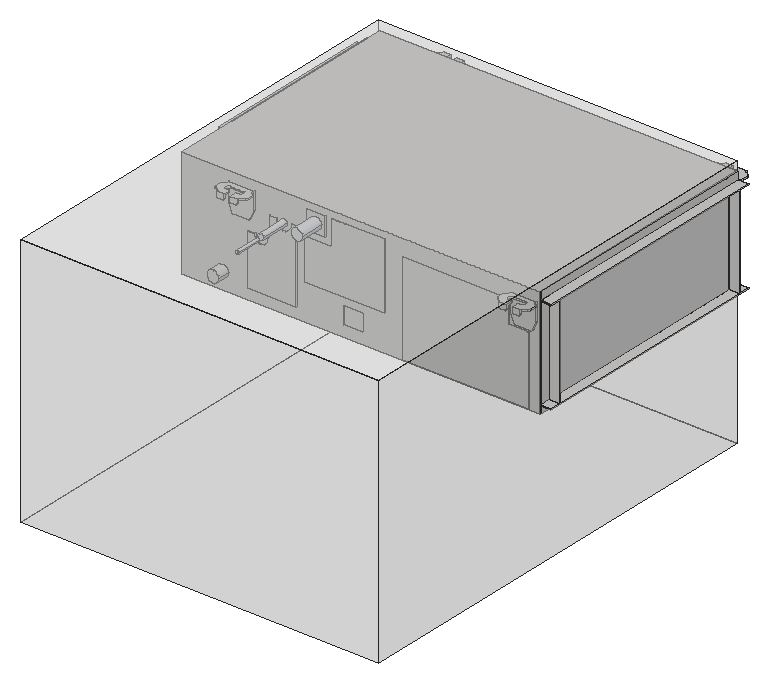
Revit family "outputfile", category 機械設備, Revit 2024
Family settings
  丸型コネクタ寸法 = 半径を使用
  パーツ タイプ = 標準
  OmniClass 番号 = 23.75.10.24.21.27.27
  OmniClass タイトル = Split System Air Conditioning Units
  作業面ベース = いいえ
  常に垂直 = はい
  ロード時にボイドで切り取り = いいえ
  注釈の向きを維持 = いいえ
  共有 = いいえ
  部屋計算ポイント = はい
Parameters (values of type "FXSQ32PAVE8")
  Description = ""
  製造元 = "Daikin"
  書き出し IFC クラス(タイプ) = "IfcUnitaryEquipmentType"
  定義済み IFC タイプ(タイプ) = "AIRCONDITIONINGUNIT"
  Cost = 0
  モデル = "FXSQ32PAVE8"
  Type Comments = ""
  Keynote = ""
  Type Image = (empty or 0)
  Assembly Code = ""
  r_Liquid Pipe Size = Liquid Pipe Size / 2  # 3.2 mm
  r_Gas Pipe Size = Gas Pipe Size / 2  # 6.35 mm
  r_Drain Pipe Size = Drain Pipe Size / 2  # 12.5 mm
  lw_power = 770.0 mm  # constant formula
  lh_SA = 138.0 mm  # constant formula
  lw_SA = if(Depth = 550.0 mm, 225.0 mm, if(Depth = 700.0 mm, 300.0 mm, if(Depth = 1000.0 mm, 450.0 mm, if(Depth = 1400.0 mm, 650.0 mm, 725.0 mm))))  # 225.0 mm
  lw_RA = if(Depth = 550.0 mm, 275.0 mm, if(Depth = 700.0 mm, 349.0 mm, if(Depth = 1000.0 mm, 499.0 mm, if(Depth = 1400.0 mm, 699.0 mm, 775.0 mm))))  # 275.0 mm
  lh_power = 60.0 mm + [h***]  # 60.0 mm
  lh_mountinghole1 = lh_mountinghole + [h***]  # 222.0 mm
  lh_RA = 123.0 mm  # constant formula
  ld_power = Depth / 2  # 275.0 mm
  Voltage_comment_60Hz = "220"
  Voltage_comment_50Hz = "220-240"
  Voltage_60Hz = 220 V
  Voltage_50Hz = 220 V
  URL = ""
  Supply Air Direction [instance] = yes
  Sound Power Level_H speed (dB) = 62
  Phase_60Hz = 1
  Phase_50Hz = 1
  Minimum External Static Pressure = 30.00 Pa
  Minimum Circuit Amps_60Hz = 0.8 A
  Minimum Circuit Amps_50Hz = 0.8 A
  Maximum Fuse Amps_60Hz = 16.0 A
  Maximum Fuse Amps_50Hz = 16.0 A
  Maximum External Static Pressure = 150.00 Pa
  Material_Casing = DAIKIN_GalvanizedSteel_Casing_indoorunit
  lw_mountinghole = 630.0 mm  # constant formula
  lh_gaspipe = 183.0 mm + [h***]  # 183.0 mm
  lh_mountinghole = 222.0 mm  # constant formula
  lh_liquidpipe = 136.0 mm + [h***]  # 136.0 mm
  lh_drainpipe = 207.0 mm + [h***]  # 207.0 mm
  lh_antena = Height - lh_mountinghole + 1.0 mm  # 24.0 mm
  ld_drainpipe = Depth / 2 + 53.0 mm  # 328.0 mm
  ld_liquidpipe = Depth / 2 + 69.0 mm  # 344.0 mm
  ld_gaspipe = Depth / 2 + 65.0 mm  # 340.0 mm
  ld_mountinghole = Depth + 38.0 mm  # 588.0 mm
  h*** = 0.0 mm  # constant formula
  lw_liquidpipe = 179.0 mm  # constant formula
  lw_gaspipe = 229.0 mm  # constant formula
  lw_drainpipe = 300.0 mm  # constant formula
  Width = 800.0 mm
  Version = "ver.1.0"
  Unit Type = "Middle Static Pressure Duct Type"
  Unit Mass Weight = 25.00 kg
  Unit Designation [instance] = ""
  Uniclass2015Version = "Products v1.30"
  Uniclass2015Title = "Variable refrigerant flow units"
  Uniclass2015Code = "Pr_70_65_03_94"
  Total Heating Capacity [instance] = 0.000 kW
  Total Cooling Capacity [instance] = 0.000 kW
  Sound Pressure Level_M speed (dBA) = 0
  Sound Pressure Level_L speed (dBA) = 30
  Sound Pressure Level_H speed (dBA) = 34
  Series = "VRV Fan Coil Unit"
  Sensible Cooling Capacity [instance] = 0.000 kW
  SA Duct Size Width = if(Depth = 550.0 mm, 337.0 mm, if(Depth = 700.0 mm, 492.0 mm, if(Depth = 1000.0 mm, 792.0 mm, if(Depth = 1400.0 mm, 1192.0 mm, 1337.0 mm))))  # 337.0 mm
  SA Duct Size Height = 176.0 mm
  Refrigerant Type = "R410A"
  RA Duct Size Width = if(Depth = 550.0 mm, 502.0 mm, if(Depth = 700.0 mm, 654.0 mm, if(Depth = 1000.0 mm, 952.0 mm, if(Depth = 1400.0 mm, 1352.0 mm, 1502.0 mm))))  # 502.0 mm
  RA Duct Size Height = 208.0 mm
  Power Input (Heating) = 0.106 kW
  Power Input (Cooling) = 0.111 kW
  Option Accessory 3 [instance] = ""
  Option Accessory 2 [instance] = ""
  Option Accessory 1 [instance] = ""
  Nominal Heating Capacity = 4.000 kW
  Nominal Cooling Capacity = 3.600 kW
  Minimum Airflow = 420.00 m³/h
  Median Airflow = 480.00 m³/h
  Maximum Airflow = 570.00 m³/h
  Load Classification = HVAC
  Liquid Pipe Size = 6.4 mm
  Link_Nested Family [instance] = ""
  IfcVersion = "0"
  IfcExportType = "AIRCONDITIONINGUNIT"
  IfcExportAs = "IfcUnitaryEquipmentType"
  Height = 245.0 mm
  Heating Entering Wet Bulb Temperature [instance] = 0.00 °C
  Heating Entering Dry Bulb Temperature [instance] = 0.00 °C
  Heating Ambient Wet Bulb Temperature [instance] = 0.00 °C
  Heating Ambient Dry Bulb Temperature [instance] = 0.00 °C
  Heat Exchanger Type = "Cross Fin Coil"
  Gas Pipe Size = 12.7 mm
  Frequency_60Hz = 60 Hz
  Frequency_50Hz = 50 Hz
  Fan Type = "Sirocco Fan"
  Fan Drive = "Direct Drive"
  FCU Tag No. [instance] = ""
  Drain Pipe Size = 25.0 mm
  Design Supply Airflow [instance] = 0.00 m³/h
  Design Return Airflow [instance] = 0.00 m³/h
  Design External Static Pressure [instance] = 0.00 Pa
  Depth = 550.0 mm
  既定の高さ = 0.0 mm
  Cooling Entering Wet Bulb Temperature [instance] = 0.00 °C
  Cooling Entering Dry Bulb Temperature [instance] = 0.00 °C
  Cooling Ambient Wet Bulb Temperature [instance] = 0.00 °C
  Cooling Ambient Dry Bulb Temperature [instance] = 0.00 °C
  Clearance visibility [instance] = yes
  Clearance Top = 20.0 mm
  Clearance Right = 0.0 mm
  Clearance Rear = 0.0 mm
  Clearance Left = 0.0 mm
  Clearance Front = 450.0 mm
  Clearance Bottom = 300.0 mm
Reference planes
  plane 1 "Center (Front/Back)": y = 0
  plane 2 "h": z = 0
  plane 3 "Center (Left/Right)": x = 0
  plane 4 "Back": y = 275
  plane 5 "Front": y = -275
  plane 6 "Left": x = -400
  plane 7 "Reight": x = 400
  plane 8 "Top": z = 0
  plane 9 "Bottom": z = -245
  plane 10: y = -215
  plane 11: y = 275
  plane 12: y = -725
  plane 13: x = -400
  plane 14: x = 400
  plane 15: z = 20
  plane 16: z = -545
  plane 17: x = -400
  plane 18: x = -399
  plane 19: x = 399
  plane 20: y = 50
  plane 21: y = 0
  plane 22: z = -122
  plane 23: y = -276
  plane 24: z = -109
  plane 25: x = -221
  plane 26: y = -340
  plane 27: z = -62
  plane 28: x = -171
  plane 29: y = -328
  plane 30: z = -38
  plane 31: x = -100
  plane 32: x = -100
  plane 33: x = -221
  plane 34: x = -171
  plane 35: x = 370
  plane 36: x = -266
  plane 37: x = 364
  plane 38: y = -294
  plane 39: y = 294
  plane 40: z = -23
  plane 41: z = -107
  plane 42: y = -344
  plane 43: z = -207
  plane 44: x = -309
  plane 45: y = -301
  plane 46: x = -251
  plane 47: x = -203
  plane 48: x = -144
  plane 49: z = -59
  plane 50: z = -106
  plane 51: z = -221
  plane 52: z = -109
  plane 53: x = -221
  plane 54: z = -62
  plane 55: x = -171
  plane 56: z = -17
  plane 57: z = -59
  plane 58: x = -121
  plane 59: x = -79
  plane 60: x = -125
  plane 61: x = -64
  plane 62: x = 53
  plane 63: z = -164
  plane 64: z = -73
  plane 65: z = -16
  plane 66: x = 93.5
  plane 67: x = 374.5
  plane 68: x = 330
  plane 69: z = -88.5
  plane 70: z = -38
  plane 71: z = -242.5
  plane 72: x = -38.5
  plane 73: x = 6.5
  plane 74: z = -181
  plane 75: z = -221
  plane 76: y = -274
  plane 77: x = -424
  plane 78: x = 424
Forms (mm)
  Extrusion 1, solid, material "DAIKIN_GalvanizedSteel_Casing_indoorunit" <- "Material_Casing"
    sketch origin (0, 0, 0) x (1, 0, 0) y (0, 1, 0)
      loop
        line (-399, 275) -> (-399, -275) -> (399, -275) -> (399, 275) -> (-399, 275)
    from -245 to 0
  Extrusion 2, solid, material "DAIKIN_GalvanizedSteel_Casing_indoorunit" <- "Material_Casing"
    sketch origin (0, 0, 0) x (1, 0, 0) y (0, 0, 1)
      loop
        line (-251, -221) -> (-144, -221) -> (-144, -59) -> (-154.47, -59)
        arc (-154.47, -59) -> (-171, -78.8) -> (-187.53, -59) r 16.8
        line (-187.53, -59) -> (-203, -59) -> (-203, -106) -> (-206.916, -106)
        arc (-206.916, -106) -> (-221, -123.4) -> (-235.084, -106) r 14.4
        line (-235.084, -106) -> (-251, -106) -> (-251, -221)
    from 275 to 276
  Extrusion 3, solid, material "DAIKIN_GalvanizedSteel_Casing_indoorunit" <- "Material_Casing"
    sketch origin (0, 0, 0) x (1, 0, 0) y (0, 0, 1)
      loop
        line (-121, -17) -> (-121, -59) -> (-79, -59) -> (-79, -17) -> (-121, -17)
      loop
        line (-125, -73) -> (-125, -164) -> (53, -164) -> (53, -16) -> (-64, -16) -> (-64, -73) -> (-125, -73)
    from 275 to 276
  Extrusion 4, solid, material "DAIKIN_GalvanizedSteel_Casing_indoorunit" <- "Material_Casing"
    sketch origin (0, 0, 0) x (1, 0, 0) y (0, 0, 1)
      loop
        line (93.5, -38) -> (93.5, -242.5) -> (374.5, -242.5) -> (374.5, -88.5) -> (330, -88.5) -> (330, -38) -> (93.5, -38)
    from 275 to 276
  Extrusion 5, solid
    sketch origin (0, 0, 0) x (1, 0, 0) y (0, 0, 1)
      loop
        circle (-221, -109) r 3.2
    from 275 to 344
  Extrusion 6, solid
    sketch origin (0, 0, 0) x (1, 0, 0) y (0, 0, 1)
      loop
        circle (-171, -62) r 6.35
    from 275 to 340
  Extrusion 7, solid
    sketch origin (0, 0, 0) x (1, 0, 0) y (0, 0, 1)
      loop
        circle (-100, -38) r 12.5
    from 276 to 328
  Extrusion 8, solid, material "DAIKIN_GalvanizedSteel_Casing_indoorunit" <- "Material_Casing"
    sketch origin (0, 0, 0) x (1, 0, 0) y (0, 0, 1)
      loop
        circle (-309, -207) r 13
    from 275 to 301
  Extrusion 9, void
    sketch origin (0, 0, 0) x (1, 0, 0) y (0, 0, 1)
      loop
        line (-38.5, -181) -> (-38.5, -221) -> (6.5, -221) -> (6.5, -181) -> (-38.5, -181)
    from 274 to 275
Cuts and joins
  Extrusion 9 cuts Extrusion 1
Dimensions and locks
  "Height": plane 8 "Top" to plane 9 "Bottom"
  equal spacing: plane 4 "Back", plane 1 "Center (Front/Back)", plane 5 "Front"
  "Depth": plane 4 "Back" to plane 5 "Front"
  equal spacing: plane 6 "Left", plane 3 "Center (Left/Right)", plane 7 "Reight"
  "Width": plane 6 "Left" to plane 7 "Reight"
  "Clearance Left": plane 13 to plane 6 "Left"
  "Clearance Right": plane 7 "Reight" to plane 14
  "Clearance Rear": plane 11 to plane 4 "Back"
  "Clearance Front": plane 5 "Front" to plane 12
  "Clearance Top": plane 15 to plane 8 "Top"
  "Clearance Bottom": plane 9 "Bottom" to plane 16
  locked: plane 17 to plane 18 at 1
  locked: plane 19 to plane 14 at 1
  "lw_SA": plane 11 to plane 20
  "lw_RA": plane 21 to plane 5 "Front"
  "lh_RA": plane 22 to plane 9 "Bottom"
  locked: plane 5 "Front" to plane 23 at 1
  "lw_liquidpipe": plane 25 to plane 6 "Left"
  "lh_liquidpipe": plane 24 to plane 9 "Bottom"
  "lh_gaspipe": plane 27 to plane 9 "Bottom"
  "lw_gaspipe": plane 28 to plane 6 "Left"
  "ld_gaspipe": plane 26 to plane 1 "Center (Front/Back)"
  "ld_drainpipe": plane 29 to plane 1 "Center (Front/Back)"
  "lh_drainpipe": plane 30 to plane 9 "Bottom"
  "lw_drainpipe": plane 31 to plane 6 "Left"
  "lw_drainpipe": plane 6 "Left" to plane 32
  "lw_liquidpipe": plane 6 "Left" to plane 33
  "lw_gaspipe": plane 6 "Left" to plane 34
  "lw_power": plane 6 "Left" to plane 35
  locked: plane 17 to plane 36 at 134
  "lw_mountinghole": plane 36 to plane 37
  equal spacing: plane 38, plane 1 "Center (Front/Back)", plane 39
  "ld_mountinghole": plane 39 to plane 38
  "lh_mountinghole": plane 40 to plane 9 "Bottom"
  "lh_SA": plane 41 to plane 9 "Bottom"
  "ld_liquidpipe": plane 21 to plane 42
  locked: plane 44 to plane 6 "Left" at 91
  locked: plane 43 to plane 9 "Bottom" at 38
  locked: plane 5 "Front" to plane 45 at 26
  plane 48 to plane 47 to plane 46 to plane 6 "Left" = 59.0 mm, 48.0 mm, 149.0 mm
  plane 8 "Top" to plane 49 to plane 50 to plane 51 = 59.0 mm locked, 47.0 mm locked, 115.0 mm locked
  plane 55 to plane 53 to plane 6 "Left" = 50.0 mm locked, 179.0 mm locked
  plane 54 to plane 52 to plane 9 "Bottom" = 47.0 mm locked, 136.0 mm locked
  plane 59 to plane 58 to plane 6 "Left" = 42.0 mm locked, 279.0 mm locked
  plane 8 "Top" to plane 56 to plane 57 = 17.0 mm locked, 42.0 mm locked
  plane 62 to plane 61 to plane 60 to plane 6 "Left" = 117.0 mm, 61.0 mm, 275.0 mm
  plane 8 "Top" to plane 65 to plane 64 = 16.0 mm locked, 57.0 mm locked
  locked: plane 65 to plane 63 at 148
  plane 8 "Top" to plane 70 to plane 69 to plane 71 = 38.0 mm locked, 50.5 mm locked, 154.0 mm locked
  plane 67 to plane 68 to plane 66 to plane 6 "Left" = 44.5 mm locked, 236.5 mm locked, 493.5 mm locked
  plane 8 "Top" to plane 74 to plane 75 = 181.0 mm locked, 40.0 mm locked
  plane 73 to plane 72 to plane 6 "Left" = 45.0 mm, 361.5 mm
  locked: plane 76 to plane 5 "Front" at 1
  locked: plane 77 to plane 17 at 24
  locked: plane 14 to plane 78 at 24
  "r_Liquid Pipe Size": radius of Extrusion 5 sketch curve
  "r_Gas Pipe Size": radius of Extrusion 6 sketch curve
  "r_Drain Pipe Size": radius of Extrusion 7 sketch curve
  aligned and locked: level to plane 2 "h"
  aligned and locked: plane 8 "Top" to Extrusion 1
  aligned and locked: Extrusion 1 to plane 9 "Bottom"
  aligned and locked: nested 5 to plane 12
  aligned and locked: plane 13 to nested 5
  aligned and locked: plane 14 to nested 5
  aligned and locked: nested 5 to plane 13
  aligned and locked: plane 11 to nested 5
  aligned and locked: plane 15 to nested 5
  aligned and locked: plane 16 to nested 5
  aligned and locked: plane 5 "Front" to Extrusion 1 sketch curve
  aligned and locked: Extrusion 1 to plane 18
  aligned and locked: plane 19 to Extrusion 1
  aligned and locked: nested 7 to plane 18
  aligned and locked: nested 7 to plane 20
  aligned and locked: plane 19 to nested 8
  aligned and locked: plane 21 to nested 8
  aligned and locked: plane 22 to nested 8
  aligned and locked: Extrusion 2 to plane 23
  aligned and locked: plane 5 "Front" to Extrusion 2
  aligned and locked: Extrusion 3 to plane 23
  aligned and locked: plane 5 "Front" to Extrusion 3
  aligned and locked: plane 5 "Front" to Extrusion 4
  aligned and locked: Extrusion 5 sketch curve to plane 25
  aligned and locked: plane 24 to Extrusion 5 sketch curve
  aligned and locked: plane 5 "Front" to Extrusion 5
  aligned and locked: Extrusion 6 sketch curve to plane 28
  aligned and locked: plane 27 to Extrusion 6 sketch curve
  aligned and locked: plane 5 "Front" to Extrusion 6
  aligned and locked: Extrusion 7 sketch curve to plane 31
  aligned and locked: Extrusion 7 sketch curve to plane 30
  aligned and locked: Extrusion 7 to plane 29
  aligned and locked: plane 23 to Extrusion 7
  aligned and locked: nested 3 to plane 29
  aligned and locked: plane 32 to nested 3
  aligned and locked: nested 2 to plane 33
  aligned and locked: nested 1 to plane 34
  aligned and locked: Extrusion 6 to plane 26
  aligned and locked: nested 1 to plane 26
  aligned and locked: nested 6 to plane 5 "Front"
  aligned and locked: plane 35 to nested 6
  aligned and locked: plane 36 to nested 10
  aligned and locked: nested 10 to plane 5 "Front"
  aligned and locked: plane 37 to nested 9
  aligned and locked: nested 9 to plane 5 "Front"
  aligned and locked: nested 11 to plane 36
  aligned and locked: plane 4 "Back" to nested 11
  aligned and locked: nested 12 to plane 37
  aligned and locked: plane 4 "Back" to nested 12
  aligned and locked: plane 40 to nested 10
  aligned and locked: plane 40 to nested 11
  aligned and locked: plane 40 to nested 9
  aligned and locked: plane 40 to nested 12
  aligned and locked: plane 36 to nested 14
  aligned and locked: nested 14 to plane 39
  aligned and locked: plane 37 to nested 13
  aligned and locked: nested 13 to plane 39
  aligned and locked: plane 37 to nested 16
  aligned and locked: plane 38 to nested 16
  aligned and locked: plane 38 to nested 15
  aligned and locked: plane 36 to nested 15
  aligned and locked: plane 17 to plane 6 "Left"
  aligned and locked: plane 41 to nested 7
  aligned and locked: Extrusion 5 to plane 42
  aligned and locked: nested 2 to plane 42
  aligned and locked: Extrusion 8 sketch curve to plane 44
  aligned and locked: plane 43 to Extrusion 8 sketch curve
  aligned and locked: plane 5 "Front" to Extrusion 8
  aligned and locked: plane 45 to Extrusion 8
  aligned and locked: Extrusion 3 sketch curve to plane 56
  aligned and locked: Extrusion 3 sketch curve to plane 58
  aligned and locked: plane 57 to Extrusion 3 sketch curve
  aligned and locked: plane 59 to Extrusion 3 sketch curve
  aligned and locked: Extrusion 4 to plane 23
  aligned and locked: Extrusion 9 sketch curve to plane 74
  aligned and locked: plane 75 to Extrusion 9 sketch curve
  aligned and locked: plane 73 to Extrusion 9 sketch curve
  aligned and locked: plane 5 "Front" to Extrusion 9
  aligned and locked: plane 76 to Extrusion 9
  aligned and locked: nested 17 to plane 20
  aligned and locked: nested 17 to plane 77
  aligned and locked: plane 21 to nested 18
  aligned and locked: plane 78 to nested 18
  aligned and locked: plane 41 to nested 17
  aligned and locked: nested 18 to plane 22
  aligned and locked: nested 4 to plane 3 "Center (Left/Right)"
  aligned and locked: plane 1 "Center (Front/Back)" to nested 4
  aligned and locked: level to plane 8 "Top"
Automatic sketch dimensions
  plane 6 "Left" to Extrusion 1 sketch curve = 1.0 mm
  Extrusion 1 sketch curve to plane 7 "Reight" = 1.0 mm
  Extrusion 1 sketch curve to plane 4 "Back" = 0.0 mm
  Extrusion 2 sketch curve to plane 46 = 0.0 mm
  Extrusion 2 sketch curve to plane 33 = 0.0 mm
  Extrusion 2 sketch curve to plane 47 = 0.0 mm
  Extrusion 2 sketch curve to plane 34 = 0.0 mm
  Extrusion 2 sketch curve to plane 48 = 0.0 mm
  Extrusion 2 sketch curve to plane 51 = 0.0 mm
  Extrusion 2 sketch curve to plane 52 = 0.0 mm
  Extrusion 2 sketch curve to plane 50 = 0.0 mm  (x3)
  Extrusion 2 sketch curve to plane 54 = 0.0 mm
  Extrusion 2 sketch curve to plane 49 = 0.0 mm  (x3)
  plane 33 to Extrusion 2 sketch curve = 14.084 mm
  plane 34 to Extrusion 2 sketch curve = 16.53 mm
  Extrusion 3 sketch curve to plane 60 = 0.0 mm
  Extrusion 3 sketch curve to plane 61 = 0.0 mm
  Extrusion 3 sketch curve to plane 62 = 0.0 mm
  Extrusion 3 sketch curve to plane 63 = 0.0 mm
  Extrusion 3 sketch curve to plane 64 = 0.0 mm
  Extrusion 3 sketch curve to plane 65 = 0.0 mm
  Extrusion 4 sketch curve to plane 66 = 0.0 mm
  Extrusion 4 sketch curve to plane 68 = 0.0 mm
  Extrusion 4 sketch curve to plane 67 = 0.0 mm
  Extrusion 4 sketch curve to plane 71 = 0.0 mm
  Extrusion 4 sketch curve to plane 69 = 0.0 mm
  Extrusion 4 sketch curve to plane 70 = 0.0 mm
  Extrusion 9 sketch curve to plane 72 = 0.0 mm
  radius of Extrusion 8 sketch curve = 13.0 mm
Nested families
  nested 1: "daikin_connector_rotate2" at (-171, 0, -62), length <- "ld_gaspipe", built-in parameter 1001364 <- "lh_gaspipe", radius <- "r_Gas Pipe Size", type "daikin_connector_rotate2"
    with radius 6.35 mm, length 340.0 mm, angle_vertical 90.00°
  nested 2: "daikin_connector_rotate2" at (-221, 0, -109), length <- "ld_liquidpipe", built-in parameter 1001364 <- "lh_liquidpipe", radius <- "r_Liquid Pipe Size", type "daikin_connector_rotate2"
    with radius 3.2 mm, length 344.0 mm, angle_vertical 90.00°
  nested 3: "daikin_connector_rotate2" at (-100, 0, -38), length <- "ld_drainpipe", built-in parameter 1001364 <- "lh_drainpipe", radius <- "r_Drain Pipe Size", type "daikin_connector_rotate2"
    with radius 12.5 mm, length 328.0 mm, angle_vertical 90.00°
  nested 4: "daikin_△_symbolicline" at (0, 0, 245) x (0, -1, 0) z (0, 0, 1), built-in parameter 1001364 <- "Height", visible <- "Supply Air Direction", type "daikin_△_symbolicline"
    with length 200.0 mm
  nested 5: "daikin_clearancespace" at (0, -225, -262.381), visible <- "Clearance visibility", show <- "Clearance visibility", Link_Nested Family <- "Link_Nested Family", type "daikin_clearancespace"
    with width 800.0 mm, show yes, height 565.0 mm, depth 1000.0 mm, Link_Nested Family ""
  nested 6: "daikin_connector_rotate2" at (370, 0, -185), built-in parameter 1001364 <- "lh_power", length <- "ld_power", type "daikin_connector_rotate2"
    with radius 10.0 mm, length 275.0 mm, angle_vertical 90.00°
  nested 7: "daikin_ductflange_FXSQ-PAVE8_2" at (-399, 50, -107) x (0, -1, 0) z (0, 0, 1), type "daikin_ductflange_FXSQ-PAVE8_2"
  nested 8: "daikin_ductflange_FXSQ-PAVE8_1" at (399, 0, -122) x (0, 1, 0) z (0, 0, 1), type "daikin_ductflange_FXSQ-PAVE8_1"
  nested 9: "daikin_hangerfixture_FXSQ-PAVE8" at (364, -275, -23), type "daikin_hangerfixture_FXSQ-PAVE8"
  nested 10: "daikin_hangerfixture_FXSQ-PAVE8" at (-266, -275, -23), type "daikin_hangerfixture_FXSQ-PAVE8"
  nested 11: "daikin_hangerfixture_FXSQ-PAVE8" at (-266, 275, -23) x (-1, 0, 0) z (0, 0, 1), type "daikin_hangerfixture_FXSQ-PAVE8"
  nested 12: "daikin_hangerfixture_FXSQ-PAVE8" at (364, 275, -23) x (-1, 0, 0) z (0, 0, 1), type "daikin_hangerfixture_FXSQ-PAVE8"
  nested 13: "daikin_mountinghole" at (364, 294, -245), h_mountinghole <- "lh_mountinghole1", l_antenna <- "lh_antena", Link_Nested Family <- "Link_Nested Family", type "daikin_mountinghole"
    with show yes, l_antenna 24.0 mm, h_mountinghole 222.0 mm, Link_Nested Family ""
  nested 14: "daikin_mountinghole" at (-266, 294, -245), h_mountinghole <- "lh_mountinghole1", l_antenna <- "lh_antena", Link_Nested Family <- "Link_Nested Family", type "daikin_mountinghole"
    with show yes, l_antenna 24.0 mm, h_mountinghole 222.0 mm, Link_Nested Family ""
  nested 15: "daikin_mountinghole" at (-266, -294, -245), h_mountinghole <- "lh_mountinghole1", l_antenna <- "lh_antena", Link_Nested Family <- "Link_Nested Family", type "daikin_mountinghole"
    with show yes, l_antenna 24.0 mm, h_mountinghole 222.0 mm, Link_Nested Family ""
  nested 16: "daikin_mountinghole" at (364, -294, -245), h_mountinghole <- "lh_mountinghole1", l_antenna <- "lh_antena", Link_Nested Family <- "Link_Nested Family", type "daikin_mountinghole"
    with show yes, l_antenna 24.0 mm, h_mountinghole 222.0 mm, Link_Nested Family ""
  nested 17: "daikin_connector_rotate2" at (-400, 50, -107) x (0, -1, 0) z (0, 0, 1), type "daikin_connector_rotate2"
    with radius 10.0 mm, length 24.0 mm, angle_vertical 90.00°
  nested 18: "daikin_connector_rotate2" at (400, 0, -122) x (0, 1, 0) z (0, 0, 1), type "daikin_connector_rotate2"
    with radius 10.0 mm, length 24.0 mm, angle_vertical 90.00°
Connectors
  piping at (-100, -328, -38), diameter 25, driven by "r_Drain Pipe Size"
    settings: on nested 3, index 3, connector inside diameter 609.6 mm, connector length 0.0 mm, flow factor 0, pipe flow 0.00 m³/h, pressure drop 0.0 Pa, fitting loss kfactor 0, connector angle 0.00°, fixture units 0, engagement length 0.0 mm, angle of deflection 0.00°, flow configuration 1, flow direction 2, fitting loss method 4, system type 16, joint type 0, gender type 0, connector reference index -1, connector utility 0, adjustable connector no, is connector primary yes, connector description "Condensate Drain Piping"
  piping at (-171, -340, -62), diameter 12.7, driven by "r_Gas Pipe Size"
    settings: on nested 1, index 4, connector inside diameter 609.6 mm, connector length 0.0 mm, flow factor 0, pipe flow 0.00 m³/h, pressure drop 0.0 Pa, fitting loss kfactor 0, connector angle 0.00°, fixture units 0, engagement length 0.0 mm, angle of deflection 0.00°, flow configuration 1, flow direction 2, fitting loss method 0, system type 29, joint type 0, gender type 0, connector reference index -1, connector utility 0, adjustable connector no, is connector primary no, connector description "Refrigerant Gas Piping"
  piping at (-221, -344, -109), diameter 6.4, driven by "r_Liquid Pipe Size"
    settings: on nested 2, index 5, connector inside diameter 609.6 mm, connector length 0.0 mm, flow factor 0, pipe flow 0.00 m³/h, pressure drop 0.0 Pa, fitting loss kfactor 0, connector angle 0.00°, fixture units 0, engagement length 0.0 mm, angle of deflection 0.00°, flow configuration 1, flow direction 1, fitting loss method 0, system type 29, joint type 0, gender type 0, connector reference index -1, connector utility 0, adjustable connector no, is connector primary no, connector description "Refrigerant Liquid Piping"
  electrical at (370, -275, -185), driven by "Load Classification"
    settings: on nested 6, index 6, voltage 0 V, apparent load 0 VA, apparent load phase1 0 VA, apparent load phase2 0 VA, apparent load phase3 0 VA, power factor 1, load classification "HVAC", number of poles 1, system type 30, power factor state 1, is connector primary yes, connector utility no, sub classification motor no, connector description "Power Supply"
  hvac at (-424, 50, -107), driven by "SA Duct Size Height", driven by "SA Duct Size Width"
    settings: on nested 17, index 7, duct flow 0.00 m³/h, flow factor 0, pres drop 0.00 Pa, loss coef 0, conn angle 0.00°, conn width 337.0 mm, conn height 176.0 mm, conn diameter 609.6 mm, duct sys type 1, conn prof type 1, flow config 0, flow direction 2, loss method 4, conn ref index -1, conn util no, is conn primary yes, conn desc "SA Duct"
  hvac at (424, 0, -122), driven by "RA Duct Size Height", driven by "RA Duct Size Width"
    settings: on nested 18, index 8, duct flow 0.00 m³/h, flow factor 0, pres drop 0.00 Pa, loss coef 0, conn angle 0.00°, conn width 502.0 mm, conn height 208.0 mm, conn diameter 609.6 mm, duct sys type 2, conn prof type 1, flow config 0, flow direction 1, loss method 4, conn ref index -1, conn util no, is conn primary no, conn desc "RA Duct"
Definition of nested family "daikin_clearancespace"
  Parameters (values of type "daikin_clearancespace")
    width [instance] = 1823.963 mm
    show [instance] = yes
    material = none
    height [instance] = 1359.762 mm
    depth [instance] = 880.0 mm
    Default Elevation = 0.0 mm
    Link_Nested Family [instance] = ""
  Reference planes
    plane 1 "Center (Front/Back)": y = 0
    plane 2 "Center (Elevation)": z = -0.119
    plane 3 "Center (Left/Right)": x = 0
    plane 4: y = 440
    plane 5: y = -440
    plane 6 "Right": x = 911.982
    plane 7 "Left": x = -911.982
    plane 8 "Top": z = 679.762
    plane 9 "Bottom": z = -680
  Forms (mm)
    Extrusion 1, solid, material <- "material", visible <- "show"
      sketch origin (0, 0, 0) x (1, 0, 0) y (0, 1, 0)
        loop
          line (-911.982, 440) -> (-911.982, -440) -> (911.982, -440) -> (911.982, 440) -> (-911.982, 440)
      from -680 to 679.762
  Lines and regions (mm)
    symbolic lines, visible <- "show"
      curve 1: line (911.982, 440, 0) -> (-911.982, 440, 0)
      curve 2: line (-911.982, 440, 0) -> (-911.982, -440, 0)
      curve 3: line (-911.982, -440, 0) -> (911.982, -440, 0)
      curve 4: line (911.982, -440, 0) -> (911.982, 440, 0)
      curve 5: line (911.982, 0, 679.762) -> (-911.982, 0, 679.762)
      curve 6: line (911.982, 0, -680) -> (911.982, 0, 679.762)
      curve 7: line (-911.982, 0, -680) -> (911.982, 0, -680)
      curve 8: line (-911.982, 0, 679.762) -> (-911.982, 0, -680)
      curve 9: line (0, 440, 679.762) -> (0, -440, 679.762)
      curve 10: line (0, -440, 679.762) -> (0, -440, -680)
      curve 11: line (0, 440, -680) -> (0, 440, 679.762)
      curve 12: line (0, -440, -680) -> (0, 440, -680)
  Dimensions and locks
    "width": plane 7 "Left" to plane 6 "Right"
    "depth": plane 4 to plane 5
    "height": plane 8 "Top" to plane 9 "Bottom"
    equal spacing: plane 7 "Left", plane 3 "Center (Left/Right)", plane 6 "Right"
    equal spacing: plane 4, plane 1 "Center (Front/Back)", plane 5
    equal spacing: plane 8 "Top", plane 2 "Center (Elevation)", plane 9 "Bottom"
    aligned and locked: level to plane 2 "Center (Elevation)"
    aligned and locked: Extrusion 1 sketch curve to plane 4
    aligned and locked: plane 7 "Left" to Extrusion 1 sketch curve
    aligned and locked: Extrusion 1 sketch curve to plane 5
    aligned and locked: Extrusion 1 sketch curve to plane 6 "Right"
    aligned and locked: plane 8 "Top" to Extrusion 1
    aligned and locked: curve 1 to Extrusion 1
    aligned and locked: curve 2 to Extrusion 1
    aligned and locked: curve 3 to Extrusion 1
    aligned and locked: curve 4 to Extrusion 1
    aligned and locked: curve 5 to Extrusion 1
    aligned and locked: curve 6 to Extrusion 1
    aligned and locked: curve 7 to Extrusion 1
    aligned and locked: curve 8 to Extrusion 1
    aligned and locked: curve 9 to Extrusion 1
    aligned and locked: curve 10 to Extrusion 1
    aligned and locked: curve 11 to Extrusion 1
    aligned and locked: curve 12 to Extrusion 1
    aligned and locked: Extrusion 1 to plane 9 "Bottom"
Definition of nested family "daikin_ductflange_FXSQ-PAVE8_2"
  Parameters (values of type "daikin_ductflange_FXMQ-PAVE2")
    width = if(w = 550.0 mm, 337.0 mm, if(w = 700.0 mm, 492.0 mm, if(w = 1000.0 mm, 792.0 mm, if(w = 1400.0 mm, 1192.0 mm, 1337.0 mm))))  # 337.0 mm
    material = none
    height = 215.0 mm
    depth = 1.0 mm
    w = 550.0 mm
    Default Elevation = 0.0 mm
  Reference planes
    plane 1 "Center (Front/Back)": y = 0
    plane 2: z = 0
    plane 3 "Center (Left/Right)": x = 0
    plane 4: z = 88
    plane 5: z = -88
    plane 6: y = -25
    plane 7: z = 106
    plane 8: z = 89
    plane 9: y = -1
    plane 10: x = -192.5
    plane 11: x = 192.5
    plane 12: z = -106
    plane 13: z = -89
    plane 14: y = -1
    plane 15: x = 168.5
    plane 16: x = -168.5
    plane 17: x = 169.5
    plane 18: z = 87
    plane 19: z = -87
    plane 20: x = -169.5
    plane 21: z = 87
    plane 22: z = -87
    plane 23: y = -1
  Forms (mm)
    Extrusion 1, solid, material <- "material"
      sketch origin (0, 0, 0) x (0, 1, 0) y (0, 0, 1)
        loop
          line (-25, 88) -> (0, 88) -> (0, 106) -> (-1, 106) -> (-1, 89) -> (-25, 89) -> (-25, 88)
      from -192.5 to 192.5
    Extrusion 2, solid, material <- "material"
      sketch origin (0, 0, 0) x (0, 1, 0) y (0, 0, 1)
        loop
          line (-25, -88) -> (-25, -89) -> (-1, -89) -> (-1, -106) -> (0, -106) -> (0, -88) -> (-25, -88)
      from -192.5 to 192.5
    Extrusion 3, solid, material <- "material"
      sketch origin (0, 0, 0) x (1, 0, 0) y (0, 0, 1)
        loop
          line (168.5, 88) -> (168.5, -88) -> (192.5, -88) -> (192.5, -87) -> (169.5, -87) -> (169.5, 87) -> (192.5, 87) -> (192.5, 88) -> (168.5, 88)
      from 0 to 25
    Extrusion 4, solid, material <- "material"
      sketch origin (0, 0, 0) x (1, 0, 0) y (0, 0, 1)
        loop
          line (-192.5, 88) -> (-192.5, 87) -> (-169.5, 87) -> (-169.5, -87) -> (-192.5, -87) -> (-192.5, -88) -> (-168.5, -88) -> (-168.5, 88) -> (-192.5, 88)
      from 0 to 25
    Extrusion 5, solid, material <- "material"
      sketch origin (0, 0, 0) x (1, 0, 0) y (0, 0, 1)
        loop
          line (-192.5, 88) -> (-192.5, -88) -> (-168.5, -88) -> (-168.5, 88) -> (-192.5, 88)
        loop
          line (192.5, 88) -> (168.5, 88) -> (168.5, -88) -> (192.5, -88) -> (192.5, 88)
      from 0 to 1
  Cuts and joins
    joined: Extrusion 1, Extrusion 2, Extrusion 3, Extrusion 4, Extrusion 5
  Dimensions and locks
    plane 4 to level to plane 5 = 88.0 mm, 88.0 mm
    locked: plane 6 to plane 1 "Center (Front/Back)" at 25
    locked: plane 9 to plane 1 "Center (Front/Back)" at 1
    locked: plane 8 to plane 4 at 1
    locked: plane 16 to plane 10 at 24
    locked: plane 17 to plane 15 at 1
    locked: plane 4 to plane 18 at 1
    locked: plane 19 to plane 5 at 1
    "width": plane 15 to plane 16
    plane 4 to plane 5 = 176.0 mm
    locked: plane 16 to plane 20 at 1
    locked: plane 4 to plane 21 at 1
    locked: plane 22 to plane 5 at 1
    locked: plane 23 to plane 1 "Center (Front/Back)" at 1
    plane 4 to level to plane 5 = 88.0 mm locked, 88.0 mm locked
    locked: plane 5 to plane 13 at 1
    locked: plane 5 to plane 12 at 18
    locked: plane 7 to plane 4 at 18
    equal spacing: plane 15, plane 3 "Center (Left/Right)", plane 16
    locked: plane 11 to plane 15 at 24
    plane 11 to plane 10 = 385.0 mm
    aligned and locked: level to plane 2
    aligned and locked: Extrusion 1 to plane 10
    aligned and locked: plane 11 to Extrusion 1
    aligned and locked: plane 5 to Extrusion 2
    aligned and locked: Extrusion 2 to plane 1 "Center (Front/Back)"
    aligned and locked: plane 15 to Extrusion 3 sketch curve
    aligned and locked: Extrusion 3 sketch curve to Extrusion 2  (x2)
    aligned and locked: Extrusion 3 sketch curve to plane 11
    aligned and locked: plane 6 to Extrusion 3
    aligned and locked: Extrusion 2 to plane 10
    aligned and locked: plane 11 to Extrusion 2
    aligned and locked: Extrusion 4 sketch curve to Extrusion 1  (x2)
    aligned and locked: plane 5 to Extrusion 4 sketch curve
    aligned and locked: Extrusion 4 sketch curve to plane 16
    aligned and locked: Extrusion 4 sketch curve to plane 22
    aligned and locked: plane 20 to Extrusion 4 sketch curve
    aligned and locked: plane 21 to Extrusion 4 sketch curve
    aligned and locked: Extrusion 4 to plane 1 "Center (Front/Back)"
    aligned and locked: plane 6 to Extrusion 4
    aligned and locked: Extrusion 5 sketch curve to Extrusion 1  (x4)
    aligned and locked: Extrusion 5 sketch curve to Extrusion 4  (x2)
    aligned and locked: Extrusion 5 sketch curve to Extrusion 3  (x2)
    aligned and locked: Extrusion 5 to plane 1 "Center (Front/Back)"
    aligned and locked: plane 23 to Extrusion 5
  Automatic sketch dimensions
    Extrusion 1 sketch curve to plane 6 = 0.0 mm
    Extrusion 1 sketch curve to plane 7 = 0.0 mm
    Extrusion 1 sketch curve to plane 9 = 0.0 mm
    Extrusion 1 sketch curve to plane 1 "Center (Front/Back)" = 0.0 mm
    Extrusion 1 sketch curve to plane 4 = 0.0 mm
    Extrusion 1 sketch curve to plane 8 = 0.0 mm
    Extrusion 2 sketch curve to plane 6 = 0.0 mm
    plane 12 to Extrusion 2 sketch curve = 0.0 mm
    Extrusion 2 sketch curve to plane 14 = 0.0 mm
    Extrusion 2 sketch curve to plane 1 "Center (Front/Back)" = 0.0 mm
    plane 13 to Extrusion 2 sketch curve = 0.0 mm
    Extrusion 2 sketch curve to plane 5 = 0.0 mm
    Extrusion 3 sketch curve to plane 17 = 0.0 mm
    Extrusion 3 sketch curve to plane 19 = 0.0 mm
    Extrusion 3 sketch curve to plane 18 = 0.0 mm
    Extrusion 3 sketch curve to plane 4 = 0.0 mm
    Extrusion 4 sketch curve to plane 10 = 0.0 mm
Definition of nested family "daikin_ductflange_FXSQ-PAVE8_1"
  Parameters (values of type "daikin_ductflange_FXMQ-PAVE")
    width = if(w = 550.0 mm, 502.0 mm, if(w = 700.0 mm, 654.0 mm, if(w = 1000.0 mm, 952.0 mm, if(w = 1400.0 mm, 1352.0 mm, 1502.0 mm))))  # 502.0 mm
    material = none
    height = 208.0 mm
    depth = 1.0 mm
    w = 550.0 mm
    Default Elevation = 0.0 mm
  Reference planes
    plane 1 "Center (Front/Back)": y = 0
    plane 2: z = 0
    plane 3 "Center (Left/Right)": x = 0
    plane 4: z = 104
    plane 5: z = -104
    plane 6: y = -25
    plane 7: z = 121
    plane 8: z = 105
    plane 9: y = -1
    plane 10: x = -275
    plane 11: x = 275
    plane 12: z = -122
    plane 13: z = -105
    plane 14: y = -1
    plane 15: x = 251
    plane 16: x = -251
    plane 17: x = 252
    plane 18: z = 103
    plane 19: z = -103
    plane 20: x = -252
    plane 21: z = 103
    plane 22: z = -103
    plane 23: y = -1
  Forms (mm)
    Extrusion 1, solid, material <- "material"
      sketch origin (0, 0, 0) x (0, 1, 0) y (0, 0, 1)
        loop
          line (-25, 104) -> (0, 104) -> (0, 121) -> (-1, 121) -> (-1, 105) -> (-25, 105) -> (-25, 104)
      from -275 to 275
    Extrusion 2, solid, material <- "material"
      sketch origin (0, 0, 0) x (0, 1, 0) y (0, 0, 1)
        loop
          line (-25, -104) -> (-25, -105) -> (-1, -105) -> (-1, -122) -> (0, -122) -> (0, -104) -> (-25, -104)
      from -275 to 275
    Extrusion 3, solid, material <- "material"
      sketch origin (0, 0, 0) x (1, 0, 0) y (0, 0, 1)
        loop
          line (251, 104) -> (251, -104) -> (275, -104) -> (275, -103) -> (252, -103) -> (252, 103) -> (275, 103) -> (275, 104) -> (251, 104)
      from 0 to 25
    Extrusion 4, solid, material <- "material"
      sketch origin (0, 0, 0) x (1, 0, 0) y (0, 0, 1)
        loop
          line (-275, 104) -> (-275, 103) -> (-252, 103) -> (-252, -103) -> (-275, -103) -> (-275, -104) -> (-251, -104) -> (-251, 104) -> (-275, 104)
      from 0 to 25
    Extrusion 5, solid, material <- "material"
      sketch origin (0, 0, 0) x (1, 0, 0) y (0, 0, 1)
        loop
          line (-275, 104) -> (-275, -104) -> (-251, -104) -> (-251, 104) -> (-275, 104)
        loop
          line (275, 104) -> (251, 104) -> (251, -104) -> (275, -104) -> (275, 104)
      from 0 to 1
  Cuts and joins
    joined: Extrusion 1, Extrusion 2, Extrusion 3, Extrusion 4, Extrusion 5
  Dimensions and locks
    plane 4 to level to plane 5 = 104.0 mm, 104.0 mm
    locked: plane 6 to plane 1 "Center (Front/Back)" at 25
    locked: plane 9 to plane 1 "Center (Front/Back)" at 1
    locked: plane 8 to plane 4 at 1
    locked: plane 11 to plane 15 at 24
    locked: plane 16 to plane 10 at 24
    locked: plane 17 to plane 15 at 1
    locked: plane 4 to plane 18 at 1
    locked: plane 19 to plane 5 at 1
    "width": plane 15 to plane 16
    equal spacing: plane 15, plane 3 "Center (Left/Right)", plane 16
    locked: plane 16 to plane 20 at 1
    locked: plane 4 to plane 21 at 1
    locked: plane 22 to plane 5 at 1
    locked: plane 23 to plane 1 "Center (Front/Back)" at 1
    locked: plane 7 to plane 4 at 17
    locked: plane 1 "Center (Front/Back)" to plane 14 at 1
    locked: plane 5 to plane 13 at 1
    "height": plane 4 to plane 5
    plane 11 to plane 10 = 550.0 mm
    locked: plane 12 to plane 13 at 17
    equal spacing: plane 4, level, plane 5
    aligned and locked: level to plane 2
    aligned and locked: Extrusion 1 to plane 10
    aligned and locked: plane 11 to Extrusion 1
    aligned and locked: plane 5 to Extrusion 2
    aligned and locked: Extrusion 2 to plane 1 "Center (Front/Back)"
    aligned and locked: plane 15 to Extrusion 3 sketch curve
    aligned and locked: Extrusion 3 sketch curve to Extrusion 2  (x2)
    aligned and locked: Extrusion 3 sketch curve to plane 11
    aligned and locked: plane 6 to Extrusion 3
    aligned and locked: Extrusion 2 to plane 10
    aligned and locked: plane 11 to Extrusion 2
    aligned and locked: Extrusion 4 sketch curve to Extrusion 1  (x2)
    aligned and locked: plane 5 to Extrusion 4 sketch curve
    aligned and locked: Extrusion 4 sketch curve to plane 16
    aligned and locked: Extrusion 4 sketch curve to plane 22
    aligned and locked: plane 20 to Extrusion 4 sketch curve
    aligned and locked: plane 21 to Extrusion 4 sketch curve
    aligned and locked: Extrusion 4 to plane 1 "Center (Front/Back)"
    aligned and locked: plane 6 to Extrusion 4
    aligned and locked: Extrusion 5 sketch curve to Extrusion 1  (x4)
    aligned and locked: Extrusion 5 sketch curve to Extrusion 4  (x2)
    aligned and locked: Extrusion 5 sketch curve to Extrusion 3  (x2)
    aligned and locked: Extrusion 5 to plane 1 "Center (Front/Back)"
    aligned and locked: plane 23 to Extrusion 5
  Automatic sketch dimensions
    Extrusion 1 sketch curve to plane 6 = 0.0 mm
    Extrusion 1 sketch curve to plane 7 = 0.0 mm
    Extrusion 1 sketch curve to plane 9 = 0.0 mm
    Extrusion 1 sketch curve to plane 1 "Center (Front/Back)" = 0.0 mm
    Extrusion 1 sketch curve to plane 4 = 0.0 mm
    Extrusion 1 sketch curve to plane 8 = 0.0 mm
    Extrusion 2 sketch curve to plane 6 = 0.0 mm
    plane 12 to Extrusion 2 sketch curve = 0.0 mm
    Extrusion 2 sketch curve to plane 14 = 0.0 mm
    Extrusion 2 sketch curve to plane 1 "Center (Front/Back)" = 0.0 mm
    plane 13 to Extrusion 2 sketch curve = 0.0 mm
    Extrusion 2 sketch curve to plane 5 = 0.0 mm
    Extrusion 3 sketch curve to plane 17 = 0.0 mm
    Extrusion 3 sketch curve to plane 19 = 0.0 mm
    Extrusion 3 sketch curve to plane 18 = 0.0 mm
    Extrusion 3 sketch curve to plane 4 = 0.0 mm
    Extrusion 4 sketch curve to plane 10 = 0.0 mm
Definition of nested family "daikin_hangerfixture_FXSQ-PAVE8"
  Parameters (values of type "daikin_hangerfixture_FXMQ-PAVE")
    width = 72.0 mm
    material = none
    height = 60.0 mm
    depth = 41.0 mm
    Default Elevation = 0.0 mm
  Reference planes
    plane 1 "Center (Front/Back)": y = 0
    plane 2: z = 0
    plane 3 "Center (Left/Right)": x = 0
    plane 4: y = 417.146
    plane 5: y = -41
    plane 6: x = -36
    plane 7: x = 36
    plane 8: z = -2.3
    plane 9: z = -60
    plane 10: y = -2.3
    plane 11: z = -12
    plane 12: y = -38.7
  Forms (mm)
    Extrusion 1, solid, material <- "material"
      sketch origin (0, 0, 0) x (1, 0, 0) y (0, 1, 0)
        loop
          line (-28, 0) -> (-28, -5)
          arc (-28, -5) -> (-29.127, -8.162) -> (-32, -9.899) r 5
          arc (-32, -9.899) -> (-34.873, -11.636) -> (-36, -14.798) r 5
          line (-36, -14.798) -> (-36, -27.178)
          arc (-36, -27.178) -> (-35.429, -29.499) -> (-33.846, -31.289) r 5
          line (-33.846, -31.289) -> (-23, -38.798) -> (-23, -41.098) -> (-6.5, -41.098) -> (-6.5, -28.498)
          arc (-6.5, -28.498) -> (-7.379, -26.377) -> (-9.5, -25.498) r 3
          line (-9.5, -25.498) -> (-13.5, -25.498)
          arc (-13.5, -25.498) -> (-20, -18.998) -> (-13.5, -12.498) r 6.5
          line (-13.5, -12.498) -> (13.5, -12.498)
          arc (13.5, -12.498) -> (20, -18.998) -> (13.5, -25.498) r 6.5
          line (13.5, -25.498) -> (9.5, -25.498)
          arc (9.5, -25.498) -> (7.379, -26.377) -> (6.5, -28.498) r 3
          line (6.5, -28.498) -> (6.5, -41.098) -> (23, -41.098) -> (23, -38.798) -> (33.846, -31.289)
          arc (33.846, -31.289) -> (35.429, -29.499) -> (36, -27.178) r 5
          line (36, -27.178) -> (36, -14.596)
          arc (36, -14.596) -> (34.873, -11.434) -> (32, -9.697) r 5
          arc (32, -9.697) -> (29.127, -7.96) -> (28, -4.798) r 5
          line (28, -4.798) -> (28, 0) -> (-28, 0)
      from 0 to -2.3
    Extrusion 2, solid, material <- "material"
      sketch origin (0, 0, 0) x (1, 0, 0) y (0, 0, 1)
        loop
          line (28, -39.037) -> (28, 0) -> (-28, 0) -> (-28, -39.037)
          arc (-28, -39.037) -> (-27.91, -39.983) -> (-27.642, -40.894) r 5
          line (-27.642, -40.894) -> (-21.257, -56.857)
          arc (-21.257, -56.857) -> (-19.418, -59.14) -> (-16.615, -60) r 5
          line (-16.615, -60) -> (16.615, -60)
          arc (16.615, -60) -> (19.418, -59.14) -> (21.257, -56.857) r 5
          line (21.257, -56.857) -> (27.642, -40.894)
          arc (27.642, -40.894) -> (27.91, -39.983) -> (28, -39.037) r 5
      from 0 to 2.3
    Extrusion 3, solid, material <- "material"
      sketch origin (0, 0, 0) x (1, 0, 0) y (0, 0, 1)
        loop
          line (-23, 0) -> (-23, -9)
          arc (-23, -9) -> (-22.121, -11.121) -> (-20, -12) r 3
          line (-20, -12) -> (-9.5, -12)
          arc (-9.5, -12) -> (-7.379, -11.121) -> (-6.5, -9) r 3
          line (-6.5, -9) -> (-6.5, 0) -> (-23, 0)
        loop
          line (23, 0) -> (6.5, 0) -> (6.5, -9)
          arc (6.5, -9) -> (7.379, -11.121) -> (9.5, -12) r 3
          line (9.5, -12) -> (20, -12)
          arc (20, -12) -> (22.121, -11.121) -> (23, -9) r 3
          line (23, -9) -> (23, 0)
      from 38.8 to 41.098
  Cuts and joins
    joined: Extrusion 1, Extrusion 2, Extrusion 3
  Dimensions and locks
    plane 2 to plane 8 = 2.3 mm
    "height": plane 2 to plane 9
    locked: plane 10 to plane 1 "Center (Front/Back)" at 2.3
    locked: plane 2 to plane 11 at 12
    locked: plane 12 to plane 5 at 2.3
    aligned and locked: level to plane 2
    aligned and locked: Extrusion 1 to plane 8
    aligned and locked: plane 2 to Extrusion 1
    aligned and locked: plane 2 to Extrusion 2 sketch curve
    aligned and locked: Extrusion 2 to plane 10
    aligned and locked: Extrusion 2 to plane 1 "Center (Front/Back)"
    aligned and locked: Extrusion 3 sketch curve to cut or joined group of Extrusion 1, Extrusion 2, Extrusion 3  (x3)
    aligned and locked: cut or joined group of Extrusion 1, Extrusion 2, Extrusion 3 to Extrusion 3
  Automatic sketch dimensions
    Extrusion 2 sketch curve to plane 7 = 8.0 mm
    Extrusion 2 sketch curve to plane 8 = 36.737 mm
    plane 6 to Extrusion 2 sketch curve = 19.385 mm
    Extrusion 1 sketch curve to plane 6 = 0.0 mm
    plane 1 "Center (Front/Back)" to Extrusion 1 sketch curve = 0.0 mm
    Extrusion 1 sketch curve to plane 7 = 0.0 mm
    plane 6 to Extrusion 1 sketch curve = 2.154 mm
    plane 6 to Extrusion 1 sketch curve = 3.0 mm
    Extrusion 1 sketch curve to Extrusion 1 sketch curve = 5.0 mm  (x3)
    Extrusion 1 sketch curve to plane 12 = 0.098 mm  (x2)
    Extrusion 1 sketch curve to Extrusion 1 sketch curve = 4.0 mm  (x2)
    Extrusion 1 sketch curve to plane 5 = 0.098 mm  (x2)
    Extrusion 1 sketch curve to plane 3 "Center (Left/Right)" = 6.5 mm
    plane 3 "Center (Left/Right)" to Extrusion 1 sketch curve = 6.5 mm
    Extrusion 1 sketch curve to Extrusion 1 sketch curve = 3.0 mm
    Extrusion 1 sketch curve to plane 7 = 8.0 mm
    Extrusion 1 sketch curve to plane 7 = 5.0 mm
    Extrusion 1 sketch curve to plane 7 = 3.0 mm
    Extrusion 1 sketch curve to plane 7 = 2.154 mm
    plane 12 to Extrusion 1 sketch curve = 7.411 mm  (x2)
    plane 12 to Extrusion 1 sketch curve = 10.202 mm  (x2)
    Extrusion 1 sketch curve to Extrusion 1 sketch curve = 6.5 mm  (x2)
    Extrusion 1 sketch curve to Extrusion 1 sketch curve = 12.38 mm
    Extrusion 1 sketch curve to plane 10 = 12.296 mm
    Extrusion 1 sketch curve to plane 10 = 2.7 mm
    Extrusion 1 sketch curve to plane 10 = 2.498 mm
    plane 6 to Extrusion 1 sketch curve = 4.0 mm
    Extrusion 1 sketch curve to Extrusion 1 sketch curve = 0.0 mm  (x2)
    Extrusion 1 sketch curve to plane 7 = 4.0 mm
    Extrusion 1 sketch curve to Extrusion 1 sketch curve = 4.111 mm
    Extrusion 3 sketch curve to level = 0.0 mm  (x2)
    Extrusion 3 sketch curve to plane 11 = 0.0 mm  (x2)
    plane 11 to Extrusion 3 sketch curve = 3.0 mm  (x2)
    plane 3 "Center (Left/Right)" to Extrusion 3 sketch curve = 6.5 mm
    Extrusion 3 sketch curve to Extrusion 3 sketch curve = 3.0 mm  (x2)
    Extrusion 2 sketch curve to plane 9 = 0.0 mm
    Extrusion 2 sketch curve to Extrusion 2 sketch curve = 11.385 mm
    plane 6 to Extrusion 2 sketch curve = 8.0 mm
    plane 9 to Extrusion 2 sketch curve = 20.963 mm
    Extrusion 2 sketch curve to Extrusion 2 sketch curve = 5.0 mm  (x2)
    plane 9 to Extrusion 2 sketch curve = 3.143 mm  (x3)
    Extrusion 2 sketch curve to Extrusion 2 sketch curve = 4.642 mm  (x2)
    Extrusion 2 sketch curve to Extrusion 2 sketch curve = 0.0 mm  (x2)
    Extrusion 2 sketch curve to Extrusion 2 sketch curve = 0.358 mm
    Extrusion 2 sketch curve to Extrusion 2 sketch curve = 1.857 mm  (x2)
Definition of nested family "daikin_connector_rotate2"
  Parameters (values of type "daikin_connector_rotate2")
    Default Elevation = 1219.2 mm
    show_face = no
    radius [instance] = 10.0 mm
    length [instance] = 600.0 mm
    d_surface = 10.0 mm
    angle_vertical [instance] = 90.00°
  Reference planes
    plane 1 "Center (Front/Back)": y = 0
    plane 2: z = 0
    plane 3 "Center (Left/Right)": x = 0
  Forms (mm)
    Extrusion 1, solid, visible <- "show_face"
      sketch origin (0, -600, 0) x (1, 0, 0) y (0, 0, 1)
        loop
          circle (0, 0) r 10
      from 0 to -10
  Lines and regions (mm)
    reference lines
      curve 1: line (0, 0, 0) -> (0, -600, 0)
    symbolic lines
      curve 2: circle (0, 0, 0) r 5 normal (0, 0, 1)
    model lines, visible <- "show_face"
      curve 3: line (0, 0, 0) -> (0, -600, 0)
  Dimensions and locks
    "length": curve 1 to curve 1
    "length": curve 3 to curve 3
    "d_surface": Extrusion 1 to Extrusion 1
    "radius": radius of Extrusion 1 sketch curve
    "angle_vertical": angle curve 1 to plane 1 "Center (Front/Back)"
    "angle_vertical": angle curve 3 to plane 1 "Center (Front/Back)"
    aligned and locked: level to plane 2
    aligned and locked: plane 1 "Center (Front/Back)" to curve 1
    aligned and locked: plane 2 to curve 1
    aligned and locked: plane 1 "Center (Front/Back)" to curve 2
    aligned and locked: plane 3 "Center (Left/Right)" to curve 2
    aligned and locked: plane 1 "Center (Front/Back)" to curve 3
    aligned and locked: plane 2 to curve 3
    aligned and locked: Extrusion 1 to Extrusion 1
  Automatic sketch dimensions
    Extrusion 1 sketch curve to level = 0.0 mm
    Extrusion 1 sketch curve to plane 3 "Center (Left/Right)" = 0.0 mm
    radius of curve 2 = 5.0 mm
Definition of nested family "daikin_△_symbolicline"
  Parameters (values of type "daikin_△_symbolicline")
    length [instance] = 200.0 mm
    Default Elevation = 0.0 mm
  Reference planes
    plane 1 "Center (Front/Back)": y = 0
    plane 2: z = 0
    plane 3 "Center (Left/Right)": x = 0
  Lines and regions (mm)
    symbolic lines
      curve 1: line (0, -173.205, 0) -> (100, 0, 0)
      curve 2: line (100, 0, 0) -> (-100, 0, 0)
      curve 3: line (-100, 0, 0) -> (0, -173.205, 0)
  Dimensions and locks
    equal spacing: curve 3, plane 3 "Center (Left/Right)", curve 2
    "length": curve 3 to curve 2
    "length": curve 3 to curve 3
    "length": curve 1 to curve 1
    aligned and locked: level to plane 2
    aligned and locked: curve 2 to plane 1 "Center (Front/Back)"
    aligned and locked: plane 3 "Center (Left/Right)" to curve 3
Definition of nested family "daikin_mountinghole"
  Parameters (values of type "daikin_mountinghole")
    Default Elevation = 1219.2 mm
    Type Comments = "mountinghole"
    show [instance] = yes
    material = none
    l_centerline = 100.0 mm
    l_antenna [instance] = 100.0 mm
    h_mountinghole [instance] = 0.0 mm
    d_circle = 30.0 mm
    Link_Nested Family [instance] = ""
  Reference planes
    plane 1 "Center (Front/Back)": y = 0
    plane 2: z = 0
    plane 3 "Center (Left/Right)": x = 0
    plane 4: y = 50
    plane 5: x = -50
    plane 6: x = 50
    plane 7: y = -50
    plane 8 "h_mountinghole": z = 0
    plane 9: z = 100
  Lines and regions (mm)
    model lines, detail levels fine
      curve 1: circle (0, 0, 0) r 15 normal (0, 0, 1)
      curve 2: line (-50, 0, 0) -> (50, 0, 0)
      curve 3: line (0, 50, 0) -> (0, -50, 0)
    symbolic lines, detail levels fine
      curve 4: circle (0, 0, 0) r 15 normal (0, 0, 1)
      curve 5: line (-50, 0, 0) -> (50, 0, 0)
      curve 6: line (0, 50, 0) -> (0, -50, 0)
    model lines
      curve 7: line (0, 0, 100) -> (0, 0, 0)
  Dimensions and locks
    equal spacing: plane 4, plane 1 "Center (Front/Back)", plane 7
    "l_centerline": plane 4 to plane 7
    equal spacing: plane 5, plane 3 "Center (Left/Right)", plane 6
    "l_centerline": plane 5 to plane 6
    "l_antenna": plane 9 to plane 8 "h_mountinghole"
    "h_mountinghole": plane 8 "h_mountinghole" to plane 2
    "d_circle": diameter of curve 1
    "d_circle": diameter of curve 4
    aligned and locked: level to plane 2
    aligned and locked: plane 1 "Center (Front/Back)" to curve 1
    aligned and locked: plane 3 "Center (Left/Right)" to curve 1
    aligned and locked: plane 1 "Center (Front/Back)" to curve 2
    aligned and locked: curve 3 to plane 3 "Center (Left/Right)"
    aligned and locked: plane 6 to curve 2
    aligned and locked: plane 5 to curve 2
    aligned and locked: plane 4 to curve 3
    aligned and locked: plane 7 to curve 3
    aligned and locked: plane 1 "Center (Front/Back)" to curve 4
    aligned and locked: plane 3 "Center (Left/Right)" to curve 4
    aligned and locked: plane 6 to curve 5
    aligned and locked: plane 5 to curve 5
    aligned and locked: plane 1 "Center (Front/Back)" to curve 5
    aligned and locked: plane 4 to curve 6
    aligned and locked: plane 7 to curve 6
    aligned and locked: curve 6 to plane 3 "Center (Left/Right)"
    aligned and locked: curve 7 to plane 3 "Center (Left/Right)"
    aligned and locked: plane 9 to curve 7
    aligned and locked: plane 8 "h_mountinghole" to curve 7
